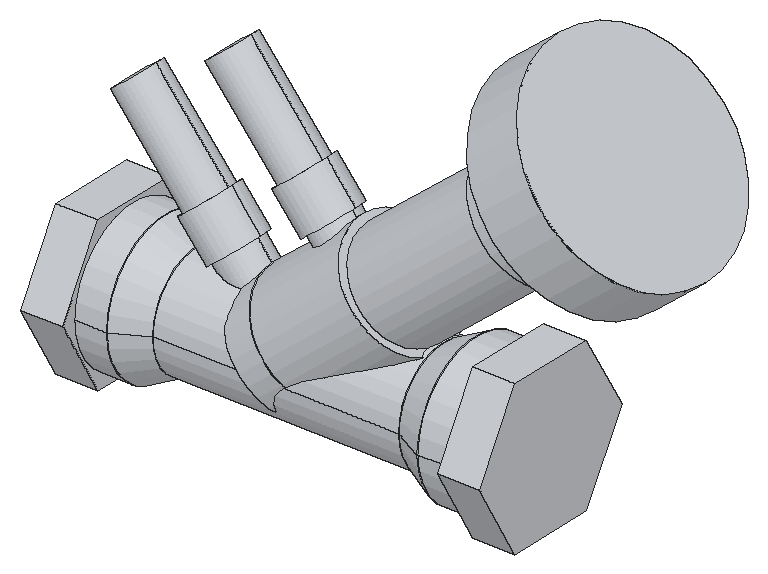
Revit family "D9505-DN40-RFA_2019", category Pipe Accessories, Revit 2019
Family settings
  Round Connector Dimension = Use Diameter
  Part Type = Valve - Breaks Into
  Work Plane-Based = No
  Always vertical = Yes
  Cut with Voids When Loaded = No
  Shared = No
Parameters (values of type "D9505 DN40")
  magiProductId = "7d52969a8dcd46c581304e64bff261"
  magiProductFamilyId = "283409d322044e8dba8a30d68fed8b"
  magiPartTypeId = 304
  isMeasuringValve [instance] = no
  ang2D [instance] = 0.00°
  W2D = 10 mm
  VersionID = "2.0/2017.10.31.1/VIR_9505_001"
  Use Minimum Symbol Size [instance] = yes
  URL = "http://www.hydronic.cz"
  Type Comments = "závitový; PN25 (-10~+100°C) nebo PN20 (-10~+130°C)"
  RN2 = 23.1 mm
  RN = 27.3 mm
  R7 = 9 mm
  R6 = 7.5 mm
  R5 = 20 mm
  R4 = 17 mm
  R3 = 19.25 mm
  R2 = 22.75 mm
  R1 = 17.5 mm
  QmdConnectorList = "301;D;302;D"
  Productdata [instance] = ""
  NUT1 = no
  Manufacturer = "Hydronic Systems Prague s.r.o."
  MC Product Code = "9505 040 (DN40; PN25 kvs19,5)"
  MC Piping Given Pressure Drop [instance] = 0.0 Pa
  L_2 = 71 mm
  L7 = 36 mm
  L6 = 2 mm
  L4 = 18.46 mm
  L3 = 10 mm
  L2__ve = -L2  # -10 mm
  L2D_Min = 3048 mm
  L2D = 77 mm
  L2 = 10 mm
  L1__ve = -L1  # -13 mm
  L1 = 13 mm
  HWR = 35 mm
  H8 = 34.8 mm
  H7 = 13.92 mm
  H6 = 26.25 mm
  H5 = 21.25 mm
  H4 = 20 mm
  H3 = 52.753 mm
  H2 = 36 mm
  H1 = 10 mm
  Description = "Ruční vyvažovací ventil závitový; bronzový; DN40; kvs19,5"
  D = 40 mm
  CenSd_RN_6 = RN * cos(30.00°)  # 23.642 mm
  CenSd_RN2_6 = RN2 * cos(30.00°)  # 20.005 mm
  CAT0 = yes
Types (7, lengths in mm): name | magiProductId | RN2 | RN | R4 | R3 | R2 | R1 | MC Product Code | L_2 | L4 | L2__ve | L2 | L1__ve | L1 | H8 | H7 | H6 | H5 | H3 | H2 | H1 | Description | D | CenSd_RN_6 | CenSd_RN2_6
  D9505 DN10 | "f06221e9bc9341508f66871c80ccb9" | 13.2 | 15.6 | 11 | 11 | 13 | 10 | "9505 010 (DN10; PN25 kvs0,97)" | 38.5 | 10.01 | -8 | 8 | -7 | 7 | 27.3 | 10.92 | 18 | 13 | 13.859 | 42 | 4 | "Ruční vyvažovací ventil závitový; bronzový; DN10; kvs0,97" | 10 | 13.51 | 11.432
  D9505 DN15 | "7168eb0cb4024df38c6d32127ca87d" | 14.85 | 17.55 | 12.375 | 12.375 | 14.625 | 11.25 | "9505 015 (DN15; PN25 kvs2,67)" | 45 | 11.7 | -8 | 8 | -8 | 8 | 27 | 10.8 | 19.375 | 14.375 | 12.304 | 41 | 5 | "Ruční vyvažovací ventil závitový; bronzový; DN15; kvs2,67" | 15 | 15.199 | 12.86
  D9505 DN20 | "82f2a7b1fa884f8cafe37fee21fa09" | 16.5 | 19.5 | 13.75 | 13.75 | 16.25 | 12.5 | "9505 020 (DN20; PN25 kvs4,1)" | 51 | 13.26 | -8 | 8 | -9 | 9 | 27 | 10.8 | 20.75 | 15.75 | 12.304 | 40 | 6 | "Ruční vyvažovací ventil závitový; bronzový; DN20; kvs4,1" | 20 | 16.887 | 14.289
  D9505 DN25 | "a5bafb2d780d49b5957b650150642c" | 18.15 | 21.45 | 15.125 | 15.125 | 17.875 | 13.75 | "9505 025 (DN25; PN25 kvs6,4)" | 55 | 14.3 | -9 | 9 | -10 | 10 | 27 | 10.8 | 22.125 | 17.125 | 12.304 | 39 | 7 | "Ruční vyvažovací ventil závitový; bronzový; DN25; kvs6,4" | 25 | 18.576 | 15.718
  D9505 DN32 | "a42dead6f7694bcf97a0a9ce0e311e" | 20.46 | 24.18 | 17 | 17.05 | 20.15 | 15.5 | "9505 032 (DN32; PN25 kvs12,0)" | 60.5 | 15.73 | -9.5 | 9.5 | -11.4 | 11.4 | 34.8 | 13.92 | 24.05 | 19.05 | 52.753 | 38 | 8 | "Ruční vyvažovací ventil závitový; bronzový; DN32; kvs12,0" | 32 | 20.94 | 17.719
  D9505 DN40 | "7d52969a8dcd46c581304e64bff261" | 23.1 | 27.3 | 17 | 19.25 | 22.75 | 17.5 | "9505 040 (DN40; PN25 kvs19,5)" | 71 | 18.46 | -10 | 10 | -13 | 13 | 34.8 | 13.92 | 26.25 | 21.25 | 52.753 | 36 | 10 | "Ruční vyvažovací ventil závitový; bronzový; DN40; kvs19,5" | 40 | 23.642 | 20.005
  D9505 DN50 | "2fc06cc644084f6992b3d357430981" | 26.4 | 31.2 | 17 | 22 | 26 | 20 | "9505 050 (DN50; PN25 kvs29,8)" | 80.5 | 20.93 | -11 | 11 | -15 | 15 | 34.8 | 13.92 | 29 | 24 | 52.753 | 34 | 12 | "Ruční vyvažovací ventil závitový; bronzový; DN50; kvs29,8" | 50 | 27.02 | 22.863
Reference planes
  plane 1 "Center (Front/Back)": y = 0
  plane 2 "XYPLANE": z = 0
  plane 3 "Center (Left/Right)": x = 0
  plane 4 "312": through (-484.44, 0, 580.961) normal (0.766, 0, 0.6428)
  plane 5 "176": through (-607.15, 0, -455.149) normal (-0.6428, 0, 0.766)
  plane 6 "173": through (-601.417, 0, -461.982) normal (-0.6428, 0, 0.766)
  plane 7 "163": x = -18.46
  plane 8 "158": x = 38
  plane 9 "157": x = 48
  plane 10 "154": x = -38
  plane 11 "83": through (-610.364, 0, -451.319) normal (-0.6428, 0, 0.766)
  plane 12 "76": through (-464.523, 0, 597.674) normal (0.766, 0, 0.6428)
  plane 13 "73": through (-598.203, 0, -465.812) normal (-0.6428, 0, 0.766)
  plane 14 "70": through (-584.543, 0, -482.091) normal (-0.6428, 0, 0.766)
  plane 15 "69": y = 0
  plane 16 "68": through (-490.569, 0, 575.819) normal (0.766, 0, 0.6428)
  plane 17 "60": through (-401.131, 0, 650.866) normal (0.766, 0, 0.6428)
  plane 18 "57": through (-416.452, 0, 638.01) normal (0.766, 0, 0.6428)
  plane 19 "54": through (-456.863, 0, 604.102) normal (0.766, 0, 0.6428)
  plane 20 "32": through (-492.101, 0, 574.533) normal (0.766, 0, 0.6428)
  plane 21 "31": y = 0
  plane 22 "30": through (564.523, 0, 482.091) normal (0.6428, 0, -0.766)
  plane 23 "21": x = -48
  plane 24 "20": x = 58
  plane 25 "19": x = -58
  plane 26 "13": x = 0
  plane 27 "11": x = 71
  plane 28 "10": x = -71
  plane 29 "9": y = 0
  plane 30 "8": z = 0
  plane 31 "65XY": through (-584.543, 0, -482.091) normal (-0.6428, 0, 0.766)
  plane 32 "65XZ": y = 0
  plane 33 "65YZ": through (-492.101, 0, 574.533) normal (0.766, 0, 0.6428)
  plane 34 "27XY": through (-492.101, 0, 574.533) normal (0.766, 0, 0.6428)
  plane 35 "27XZ": y = 0
  plane 36 "27YZ": through (564.523, 0, 482.091) normal (0.6428, 0, -0.766)
Forms (mm)
  Extrusion 1, solid, visible <- "CAT0"
    sketch origin (-492.101, 0, 574.533) x (0.642788, 0, -0.766044) y (0, 1, 0)
      loop
        circle (750, 0) r 19.25
    from 0 to 10 <- "H1"
  Extrusion 2, solid
    sketch origin (-607.15, 0, -455.149) x (0.766044, 0, 0.642788) y (0, 1, 0)
      loop
        circle (786, 0) r 7.5
    from 0 to 34.8 <- "H8"
  Extrusion 3, solid
    sketch origin (-598.203, 0, -465.812) x (0.766044, 0, 0.642788) y (0, 1, 0)
      loop
        circle (786, 0) r 9
    from 0 to 13.92 <- "H7"
  Extrusion 4, solid
    sketch origin (-456.863, 0, 604.102) x (0.642788, 0, -0.766044) y (0, 1, 0)
      loop
        circle (750, 0) r 17
    from 0 to 52.753 <- "H3"
  Extrusion 5, solid, visible <- "NUT1"
    sketch origin (-456.863, 0, 604.102) x (0.642788, 0, -0.766044) y (0, 1, 0)
      loop
        line (750, 23.1) -> (729.995, 11.55) -> (729.995, -11.55) -> (750, -23.1) -> (770.005, -11.55) -> (770.005, 11.55) -> (750, 23.1)
    from 0 to 13 <- "L1"
  Blend 6, solid, visible <- "CAT0"
    base sketch origin (-38, -750, 0) x (0, 1, 0) y (0, 0, 1)
      loop
        circle (750, 0) r 17.5
    top sketch origin (-38, -750, 0) x (0, 1, 0) y (0, 0, 1)
      loop
        circle (750, 0) r 17.5
    from 0 to 76
  Blend 7, solid
    base sketch origin (48, -750, 0) x (0, 1, 0) y (0, 0, 1)
      loop
        circle (750, 0) r 22.75
    top sketch origin (48, -750, 0) x (0, 1, 0) y (0, 0, 1)
      loop
        circle (750, 0) r 17.5
    from 0 to -10
  Blend 8, solid
    base sketch origin (-48, -750, 0) x (0, 1, 0) y (0, 0, 1)
      loop
        circle (750, 0) r 22.75
    top sketch origin (-48, -750, 0) x (0, 1, 0) y (0, 0, 1)
      loop
        circle (750, 0) r 17.5
    from 0 to 10
  Extrusion 9, solid
    sketch origin (-584.543, 0, -482.091) x (0.766044, 0, 0.642788) y (0, 1, 0)
      loop
        circle (752, 0) r 7.5
    from 0 to 26.25 <- "H6"
  Extrusion 10, solid
    sketch origin (-610.364, 0, -451.319) x (0.766044, 0, 0.642788) y (0, 1, 0)
      loop
        circle (752, 0) r 7.5
    from 0 to 34.8 <- "H8"
  Extrusion 11, solid
    sketch origin (-584.543, 0, -482.091) x (0.766044, 0, 0.642788) y (0, 1, 0)
      loop
        circle (786, 0) r 7.5
    from 0 to 21.25 <- "H5"
  Extrusion 12, solid
    sketch origin (-601.417, 0, -461.982) x (0.766044, 0, 0.642788) y (0, 1, 0)
      loop
        circle (752, 0) r 9
    from 0 to 13.92 <- "H7"
  Extrusion 13, solid, visible <- "CAT0"
    sketch origin (-401.131, 0, 650.866) x (0.642788, 0, -0.766044) y (0, 1, 0)
      loop
        circle (750, 0) r 35
    from 0 to 20 <- "H4"
  Extrusion 14, solid
    sketch origin (-416.452, 0, 638.01) x (0.642788, 0, -0.766044) y (0, 1, 0)
      loop
        circle (750, 0) r 20
    from 0 to 20 <- "H4"
  Extrusion 15, solid
    sketch origin (-484.44, 0, 580.961) x (0.642788, 0, -0.766044) y (0, 1, 0)
      loop
        circle (750, 0) r 19.25
    from 0 to 36 <- "H2"
  Extrusion 16, solid
    sketch origin (58, -750, 0) x (0, 1, 0) y (0, 0, 1)
      loop
        circle (750, 0) r 22.75
    from 0 to -10 <- "L2__ve"
  Extrusion 17, solid
    sketch origin (-58, -750, 0) x (0, 1, 0) y (0, 0, 1)
      loop
        circle (750, 0) r 22.75
    from 0 to 10 <- "L2"
  Extrusion 18, solid
    sketch origin (71, -750, 0) x (0, 1, 0) y (0, 0, 1)
      loop
        line (722.7, 0) -> (736.35, -23.642) -> (763.65, -23.642) -> (777.3, 0) -> (763.65, 23.642) -> (736.35, 23.642) -> (722.7, 0)
    from 0 to -13 <- "L1__ve"
  Extrusion 19, solid
    sketch origin (-71, -750, 0) x (0, 1, 0) y (0, 0, 1)
      loop
        line (777.3, 0) -> (763.65, 23.642) -> (736.35, 23.642) -> (722.7, 0) -> (736.35, -23.642) -> (763.65, -23.642) -> (777.3, 0)
    from 0 to 13 <- "L1"
  Extrusion 20, solid, not visible
    sketch origin (71, -750, 0) x (0, 1, 0) y (0, 0, 1)
      loop
        circle (750, 0) r 10
    from 0 to -10
  Extrusion 21, solid, not visible
    sketch origin (-71, -750, 0) x (0, 1, 0) y (0, 0, 1)
      loop
        circle (750, 0) r 10
    from 0 to 10
Lines and regions (mm)
  reference lines, not visible
    curve 1: circle (2, 2, 0) r 1 normal (0, 0, 1)
  reference lines
    curve 2: line (25.228, 0, 29.568) -> (28.902, -3.3, 25.19)
    curve 3: line (25.228, 0, 29.568) -> (25.228, -6.6, 29.568)
    curve 4: line (25.228, 0, 29.568) -> (21.554, -3.3, 33.947)
    curve 5: line (71, 0, 0) -> (71, 3.9, -6.755)
    curve 6: line (71, 0, 0) -> (71, 7.8, 0)
    curve 7: line (71, 0, 0) -> (71, 3.9, 6.755)
    curve 8: line (-71, 0, 0) -> (-71, -3.9, -6.755)
    curve 9: line (-71, 0, 0) -> (-71, -7.8, 0)
    curve 10: line (-71, 0, 0) -> (-71, -3.9, 6.755)
Dimensions and locks
  plane 1 "Center (Front/Back)" to curve 1 = 2 mm
  "H1": plane 20 "32" to plane 4 "312"
  "H7": plane 13 "73" to plane 5 "176"
  "H6": plane 14 "70" to plane 6 "173"
  "L4": plane 26 "13" to plane 7 "163"
  "L3": plane 9 "157" to plane 8 "158"
  "L2": plane 24 "20" to plane 9 "157"
  "L3": plane 23 "21" to plane 10 "154"
  "H7": plane 6 "173" to plane 11 "83"
  "L7": plane 33 "65YZ" to plane 12 "76"
  "H5": plane 14 "70" to plane 13 "73"
  locked: plane 31 "65XY" to plane 14 "70" at 0
  locked: plane 29 "9" to plane 15 "69"
  "L6": plane 33 "65YZ" to plane 16 "68"
  "H4": plane 18 "57" to plane 17 "60"
  "H3": plane 19 "54" to plane 18 "57"
  "H2": plane 4 "312" to plane 19 "54"
  locked: plane 34 "27XY" to plane 20 "32" at 0
  locked: plane 29 "9" to plane 21 "31"
  locked: plane 36 "27YZ" to plane 22 "30"
  "L2": plane 25 "19" to plane 23 "21"
  "L1": plane 27 "11" to plane 24 "20"
  "L1": plane 28 "10" to plane 25 "19"
  locked: plane 3 "Center (Left/Right)" to plane 26 "13"
  "L_2": plane 3 "Center (Left/Right)" to plane 27 "11"
  "L_2": plane 3 "Center (Left/Right)" to plane 28 "10"
  locked: plane 1 "Center (Front/Back)" to plane 29 "9"
  locked: plane 2 "XYPLANE" to plane 30 "8"
  "CenSd_RN2_6": curve 2 to Extrusion 5 sketch curve  (x2)
  "CenSd_RN2_6": curve 3 to Extrusion 5 sketch curve  (x2)
  "CenSd_RN2_6": curve 4 to Extrusion 5 sketch curve  (x2)
  Extrusion 5 sketch curve to Extrusion 5 sketch curve = 0 mm  (x12)
  "CenSd_RN_6": curve 5 to Extrusion 18 sketch curve  (x2)
  "CenSd_RN_6": curve 6 to Extrusion 18 sketch curve  (x2)
  "CenSd_RN_6": curve 7 to Extrusion 18 sketch curve  (x2)
  Extrusion 18 sketch curve to Extrusion 18 sketch curve = 0 mm  (x12)
  "CenSd_RN_6": curve 8 to Extrusion 19 sketch curve  (x2)
  "CenSd_RN_6": curve 9 to Extrusion 19 sketch curve  (x2)
  "CenSd_RN_6": curve 10 to Extrusion 19 sketch curve  (x2)
  Extrusion 19 sketch curve to Extrusion 19 sketch curve = 0 mm  (x12)
  "R3": radius of Extrusion 1 sketch curve
  "R6": radius of Extrusion 2 sketch curve
  "R7": radius of Extrusion 3 sketch curve
  "R4": radius of Extrusion 4 sketch curve
  "R1": radius of Blend 6 sketch curve  (x2)
  "R1": radius of Blend 7 sketch curve
  "R2": radius of Blend 7 sketch curve
  "R1": radius of Blend 8 sketch curve
  "R2": radius of Blend 8 sketch curve
  "R6": radius of Extrusion 9 sketch curve
  "R6": radius of Extrusion 10 sketch curve
  "R6": radius of Extrusion 11 sketch curve
  "R7": radius of Extrusion 12 sketch curve
  "HWR": radius of Extrusion 13 sketch curve
  "R5": radius of Extrusion 14 sketch curve
  "R3": radius of Extrusion 15 sketch curve
  "R2": radius of Extrusion 16 sketch curve
  "R2": radius of Extrusion 17 sketch curve
  locked: curve 3 to curve 2 (angle 60.00°)
  locked: curve 4 to curve 3 (angle 60.00°)
  locked: curve 4 to curve 2 (angle 120.00°)
  locked: curve 6 to curve 5 (angle 60.00°)
  locked: curve 7 to curve 6 (angle 60.00°)
  locked: curve 7 to curve 5 (angle 120.00°)
  locked: curve 9 to curve 8 (angle 60.00°)
  locked: curve 10 to curve 9 (angle 60.00°)
  locked: curve 10 to curve 8 (angle 120.00°)
  aligned and locked: level to plane 2 "XYPLANE"
  aligned and locked: plane 21 "31" to Extrusion 1 sketch curve
  aligned and locked: Extrusion 1 sketch curve to plane 22 "30"
  aligned and locked: Extrusion 2 sketch curve to plane 12 "76"
  aligned and locked: plane 15 "69" to Extrusion 2 sketch curve
  aligned and locked: Extrusion 3 sketch curve to plane 12 "76"
  aligned and locked: plane 15 "69" to Extrusion 3 sketch curve
  aligned and locked: plane 21 "31" to Extrusion 4 sketch curve
  aligned and locked: Extrusion 4 sketch curve to plane 22 "30"
  aligned and locked: curve 2 to plane 22 "30"
  aligned and locked: plane 21 "31" to curve 3
  aligned and locked: Blend 6 sketch curve to plane 29 "9"  (x2)
  aligned and locked: plane 30 "8" to Blend 6 sketch curve  (x2)
  aligned and locked: plane 8 "158" to Blend 6
  aligned and locked: Blend 7 sketch curve to plane 29 "9"  (x2)
  aligned and locked: plane 30 "8" to Blend 7 sketch curve  (x2)
  aligned and locked: Blend 7 to plane 8 "158"
  aligned and locked: Blend 8 sketch curve to plane 29 "9"  (x2)
  aligned and locked: plane 30 "8" to Blend 8 sketch curve  (x2)
  aligned and locked: plane 10 "154" to Blend 8
  aligned and locked: plane 15 "69" to Extrusion 9 sketch curve
  aligned and locked: Extrusion 9 sketch curve to plane 16 "68"
  aligned and locked: plane 15 "69" to Extrusion 10 sketch curve
  aligned and locked: Extrusion 10 sketch curve to plane 16 "68"
  aligned and locked: Extrusion 11 sketch curve to plane 12 "76"
  aligned and locked: plane 15 "69" to Extrusion 11 sketch curve
  aligned and locked: plane 15 "69" to Extrusion 12 sketch curve
  aligned and locked: Extrusion 12 sketch curve to plane 16 "68"
  aligned and locked: plane 21 "31" to Extrusion 13 sketch curve
  aligned and locked: Extrusion 13 sketch curve to plane 22 "30"
  aligned and locked: plane 21 "31" to Extrusion 14 sketch curve
  aligned and locked: Extrusion 14 sketch curve to plane 22 "30"
  aligned and locked: plane 21 "31" to Extrusion 15 sketch curve
  aligned and locked: Extrusion 15 sketch curve to plane 22 "30"
  aligned and locked: Extrusion 16 sketch curve to plane 29 "9"
  aligned and locked: plane 30 "8" to Extrusion 16 sketch curve
  aligned and locked: Extrusion 17 sketch curve to plane 29 "9"
  aligned and locked: plane 30 "8" to Extrusion 17 sketch curve
  aligned and locked: curve 7 to plane 29 "9"
  aligned and locked: plane 30 "8" to curve 7
  aligned and locked: curve 10 to plane 29 "9"
  aligned and locked: plane 30 "8" to curve 10
  aligned and locked: Extrusion 20 sketch curve to plane 29 "9"
  aligned and locked: plane 30 "8" to Extrusion 20 sketch curve
  aligned and locked: Extrusion 21 sketch curve to plane 29 "9"
  aligned and locked: plane 30 "8" to Extrusion 21 sketch curve
Automatic sketch dimensions
  plane 1 "Center (Front/Back)" to Extrusion 20 sketch curve = 10 mm
  plane 1 "Center (Front/Back)" to Extrusion 21 sketch curve = 10 mm
  plane 3 "Center (Left/Right)" to curve 1 = 2 mm
  radius of curve 1 = 1 mm
Connectors
  piping at (-71, 0, 0), diameter 40, driven by "D"
    settings: on Extrusion 21, index 1, connector inside diameter 609.6 mm, connector length 0 mm, flow factor 0, pipe flow 0.0 L/s, pressure drop 0.0 Pa, fitting loss kfactor 0, connector angle 0.00°, fixture units 0, engagement length 0 mm, angle of deflection 0.00°, flow configuration 0, flow direction 0, fitting loss method 0, system type 29, joint type 0, gender type 0, connector reference index 2, connector utility 0, adjustable connector no, is connector primary yes, connector description ""
  piping at (71, 0, 0), diameter 40, driven by "D"
    settings: on Extrusion 20, index 2, connector inside diameter 609.6 mm, connector length 0 mm, flow factor 0, pipe flow 0.0 L/s, pressure drop 0.0 Pa, fitting loss kfactor 0, connector angle 0.00°, fixture units 0, engagement length 0 mm, angle of deflection 0.00°, flow configuration 0, flow direction 0, fitting loss method 0, system type 29, joint type 0, gender type 0, connector reference index 1, connector utility 0, adjustable connector no, is connector primary no, connector description ""
